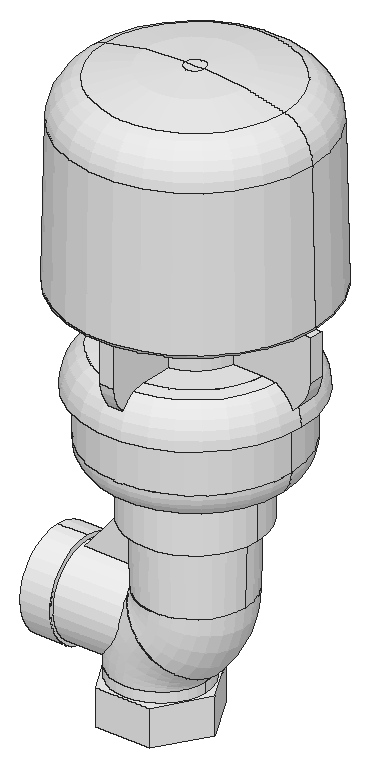
Revit family "RA-DV PURE_Angle_DN10-20_S_Aero_RFA_1", category Pipe Accessories, Revit 2019 (continued)
Definition of nested family "Aero Sensors_RA_RFA"
  Definition of nested family "Aero_RFA"
    Automatic sketch dimensions
      Revolve 12 sketch curve to plane 4 = 12.892 mm
      Revolve 12 sketch curve to plane 4 = 0.34 mm
      Revolve 12 sketch curve to Revolve 12 sketch curve = 0.00 mm
      Revolve 12 sketch curve to plane 4 = 0.25 mm
      Revolve 12 sketch curve to Revolve 12 sketch curve = 201.697 mm
      plane 4 to Revolve 12 sketch curve = 2130.315 mm
      level to Revolve 15 sketch curve = 1.11 mm
      Revolve 15 sketch curve to Revolve 15 sketch curve = 3.797 mm
      Revolve 15 sketch curve to level = 0.00 mm
      Revolve 15 sketch curve to level = 366.045 mm
      plane 4 to Revolve 15 sketch curve = 2130.315 mm
      plane 3 "Center (Left/Right)" to curve 1 = 25.939 mm
      curve 1 to curve 1 = 1.216 mm
      Extrusion 5 sketch curve to plane 3 "Center (Left/Right)" = 28.00 mm
      Revolve 1 sketch curve to plane 3 "Center (Left/Right)" = 17.085 mm
      Revolve 1 sketch curve to Revolve 1 sketch curve = 7.174 mm
      Revolve 2 sketch curve to Revolve 2 sketch curve = 11.036 mm
      Revolve 2 sketch curve to Revolve 2 sketch curve = 10.851 mm
      Extrusion 3 sketch curve to plane 3 "Center (Left/Right)" = 28.00 mm
      Extrusion 3 sketch curve to Extrusion 3 sketch curve = 5.882 mm
      Revolve 6 sketch curve to plane 3 "Center (Left/Right)" = 22.577 mm
      Revolve 7 sketch curve to Revolve 7 sketch curve = 17.049 mm
      Revolve 11 sketch curve to Revolve 11 sketch curve = 2.223 mm
      Revolve 11 sketch curve to Revolve 11 sketch curve = 17.836 mm
      Revolve 12 sketch curve to plane 3 "Center (Left/Right)" = 16.518 mm
      Revolve 12 sketch curve to plane 3 "Center (Left/Right)" = 18.736 mm
      Revolve 12 sketch curve to Revolve 12 sketch curve = 11.121 mm
      Revolve 12 sketch curve to Revolve 12 sketch curve = 1.556 mm
      Revolve 13 sketch curve to plane 3 "Center (Left/Right)" = 21.201 mm
      Revolve 13 sketch curve to Revolve 13 sketch curve = 24.056 mm
      Revolve 14 sketch curve to plane 3 "Center (Left/Right)" = 17.049 mm
      Extrusion 4 sketch curve to Extrusion 4 sketch curve = 8.021 mm
      Extrusion 8 sketch curve to Extrusion 8 sketch curve = 9.655 mm
      Extrusion 8 sketch curve to plane 1 "Center (Front/Back)" = 7.612 mm
Definition of nested family "Schematic_Pressure Independent TRV_Sensor_Angle"
  Parameters (values of type "Schematic_Pressure Independent TRV_Sensor_Angle")
    LA_1 = 1 / 9 * HA  # 1.956 mm
    L2 = L * 2  # 41.20 mm
    L1 = 4 / 5 * L  # 16.48 mm
    L = 20.60 mm
    HT = 30.00 mm
    LA = 3 / 5 * HA  # 10.56 mm
    L1/9 = L1 / 3  # 5.493 mm
    HA_2 = 4 / 5 * HA  # 14.08 mm
    HA_1 = 1 / 5 * HA  # 3.52 mm
    HA = 4 / 5 * D2  # 17.60 mm
    D2 = 22.00 mm
    D1 = 17.00 mm
    D = 20.20 mm
  Reference planes
    plane 1 "Center (Front/Back)": y = 0
    plane 2: z = 0
    plane 3 "Center (Left/Right)": x = 0
    plane 4: z = 11
    plane 5: z = -11
    plane 6: x = 17
    plane 7: x = -20.6
    plane 8: y = 11
    plane 9: y = -11
    plane 10: z = -17
    plane 11 "centerline": z = 0
    plane 12: x = -15.107
    plane 13: z = -7.5
    plane 14 "LO": x = -9.613
    plane 15: z = 8.24
    plane 16: z = -8.24
    plane 17: x = 11
    plane 18: x = -11
    plane 19: x = 20.6
    plane 20: z = 30
    plane 21: y = 8.24
    plane 22: y = -8.24
    plane 23: x = 5.28
    plane 24: x = -5.28
    plane 25: z = -20.2
    plane 26: y = 20.6
    plane 27: y = 15.107
    plane 28: y = 9.613
    plane 29: z = 47.6
    plane 30: x = -3.324
    plane 31: x = 3.324
    plane 32: z = 44.08
    plane 33: z = 33.52
  Lines and regions (mm)
    model lines
      curve 1: line (0, 0, 30) -> (0, 0, 0)
      curve 2: line (0, 0, 0) -> (17, 0, 11)
      curve 3: line (17, 0, 11) -> (17, 0, -11)
      curve 4: line (17, 0, -11) -> (0, 0, 0)
      curve 8: spline (-15.107, 0, -8.24) -> (-13.685, 0, -7.959) -> (-12.36, 0, -7.136) -> (-11.222, 0, -5.827) -> (-10.349, 0, -4.12) -> (-9.801, 0, -2.133) -> (-9.613, 0, 0) -> (-9.801, 0, 2.133) -> (-10.349, 0, 4.12) -> (-11.222, 0, 5.827) -> (-12.36, 0, 7.136) -> (-13.685, 0, 7.959) -> (-15.107, 0, 8.24) -> (-16.528, 0, 7.959) -> (-17.853, 0, 7.136) -> (-18.991, 0, 5.827) -> (-19.864, 0, 4.12) -> (-20.413, 0, 2.133) -> (-20.6, 0, 0) -> (-20.413, 0, -2.133) -> (-19.864, 0, -4.12) -> (-18.991, 0, -5.827) -> (-17.853, 0, -7.136) -> (-16.528, 0, -7.959) -> (-15.107, 0, -8.24)
      curve 9: line (-15.107, 0, -8.24) -> (-15.107, 0, 8.24)
      curve 10: line (-9.613, 0, 0) -> (0, 0, 0)
      curve 11: line (0, 0, 0) -> (11, 0, -17)
      curve 12: line (11, 0, -17) -> (-11, 0, -17)
      curve 13: line (-11, 0, -17) -> (0, 0, 0)
      curve 14: line (17, 0, 0) -> (20.6, 0, 0)
      curve 16: line (0, 0, -20.2) -> (0, 0, -17)
      curve 24: line (-5.28, 0, 47.6) -> (5.28, 0, 47.6)
      curve 25: line (-5.28, 0, 30) -> (-5.28, 0, 47.6)
      curve 26: line (5.28, 0, 30) -> (-5.28, 0, 30)
      curve 27: line (5.28, 0, 47.6) -> (5.28, 0, 30)
      curve 28: line (-3.324, 0, 44.08) -> (3.324, 0, 44.08)
      curve 29: line (0, 0, 33.52) -> (0, 0, 44.08)
    symbolic lines
      curve 5: line (17, 11, 0) -> (17, -11, 0)
      curve 6: line (0, 0, 0) -> (17, -11, 0)
      curve 7: line (0, 0, 0) -> (17, 11, 0)
      curve 15: line (17, 0, 0) -> (20.6, 0, 0)
      curve 17: line (0, 0, 0) -> (0, 11, -17)
      curve 18: line (0, 11, -17) -> (0, -11, -17)
      curve 19: line (0, -11, -17) -> (0, 0, 0)
      curve 20: line (0, 0, -20.2) -> (0, 0, -17)
      curve 21: line (0, 0, 0) -> (0, 9.613, 0)
      curve 22: spline (0, 9.613, 0) -> (2.133, 9.801, 0) -> (4.12, 10.349, 0) -> (5.827, 11.222, 0) -> (7.136, 12.36, 0) -> (7.959, 13.685, 0) -> (8.24, 15.107, 0) -> (7.959, 16.528, 0) -> (7.136, 17.853, 0) -> (5.827, 18.991, 0) -> (4.12, 19.864, 0) -> (2.133, 20.413, 0) -> (0, 20.6, 0) -> (-2.133, 20.413, 0) -> (-4.12, 19.864, 0) -> (-5.827, 18.991, 0) -> (-7.136, 17.853, 0) -> (-7.959, 16.528, 0) -> (-8.24, 15.107, 0) -> (-7.959, 13.685, 0) -> (-7.136, 12.36, 0) -> (-5.827, 11.222, 0) -> (-4.12, 10.349, 0) -> (-2.133, 9.801, 0) -> (0, 9.613, 0)
      curve 23: line (-8.24, 15.107, 0) -> (8.24, 15.107, 0)
  Dimensions and locks
    "D2": plane 4 to plane 5
    equal spacing: plane 4, level, plane 5
    "D2": plane 9 to plane 8
    equal spacing: plane 9, plane 1 "Center (Front/Back)", plane 8
    "D1": plane 2 to plane 10
    "L1/9": plane 12 to plane 7
    equal spacing: plane 14 "LO", plane 12, plane 7
    equal spacing: plane 15, level, plane 16
    equal spacing: plane 17, plane 3 "Center (Left/Right)", plane 18
    "D2": plane 17 to plane 18
    "L": plane 19 to plane 3 "Center (Left/Right)"
    "L": plane 3 "Center (Left/Right)" to plane 7
    equal spacing: plane 21, plane 1 "Center (Front/Back)", plane 22
    "HT": plane 20 to level
    "LA": plane 24 to plane 23
    equal spacing: plane 24, plane 3 "Center (Left/Right)", plane 23
    "D1": plane 6 to plane 3 "Center (Left/Right)"
    "D": level to plane 25
    "L1": plane 21 to plane 22
    "L1": plane 15 to plane 16
    plane 21 to plane 22 = 16.48 mm
    plane 8 to plane 9 = 22.00 mm
    "L": plane 1 "Center (Front/Back)" to plane 26
    equal spacing: plane 26, plane 27, plane 28
    "L1/9": plane 26 to plane 27
    "HA": plane 29 to plane 20
    "LA_1": plane 24 to plane 30
    "LA_1": plane 31 to plane 23
    "HA_1": plane 29 to plane 32
    "HA_2": plane 29 to plane 33
    aligned and locked: level to plane 2
    aligned and locked: curve 5 to plane 6
    aligned and locked: level to curve 8
    aligned and locked: plane 15 to curve 9
    aligned and locked: plane 14 "LO" to curve 8
    aligned and locked: curve 10 to level
    aligned and locked: plane 3 "Center (Left/Right)" to curve 10
    aligned and locked: plane 10 to curve 12
    aligned and locked: plane 18 to curve 12
    aligned and locked: curve 14 to level
    aligned and locked: plane 6 to curve 14
    aligned and locked: plane 19 to curve 14
    aligned and locked: curve 1 to plane 3 "Center (Left/Right)"
    aligned and locked: plane 1 "Center (Front/Back)" to curve 15
    aligned and locked: plane 19 to curve 15
    aligned and locked: plane 6 to curve 15
    aligned and locked: plane 10 to curve 16
    aligned and locked: plane 25 to curve 16
    aligned and locked: plane 3 "Center (Left/Right)" to curve 16
    aligned and locked: plane 25 to curve 20
    aligned and locked: curve 23 to plane 27
    aligned and locked: plane 20 to curve 26
    aligned and locked: curve 25 to plane 24
    aligned and locked: plane 23 to curve 27
    aligned and locked: curve 28 to plane 32
    aligned and locked: plane 31 to curve 28
    aligned and locked: plane 30 to curve 28
    aligned and locked: plane 3 "Center (Left/Right)" to curve 29
    aligned and locked: plane 33 to curve 29
    aligned and locked: plane 32 to curve 29
  Automatic sketch dimensions
    curve 17 to level = 0.00 mm
    curve 18 to plane 9 = 0.00 mm
    curve 19 to plane 1 "Center (Front/Back)" = 0.00 mm
    curve 20 to plane 1 "Center (Front/Back)" = 0.00 mm
    curve 18 to plane 8 = 0.00 mm
    curve 18 to plane 10 = 0.00 mm
    plane 1 "Center (Front/Back)" to curve 6 = 0.00 mm
    curve 6 to plane 3 "Center (Left/Right)" = 0.00 mm
    plane 9 to curve 5 = 0.00 mm
    plane 8 to curve 5 = 0.00 mm
    curve 22 to plane 28 = 0.00 mm
    curve 21 to plane 28 = 0.00 mm
    curve 22 to plane 27 = 0.00 mm
    curve 22 to plane 3 "Center (Left/Right)" = 0.00 mm
    plane 14 "LO" to curve 23 = 1.373 mm
    curve 9 to plane 12 = 0.00 mm
    curve 8 to plane 12 = 0.00 mm
    curve 11 to plane 17 = 0.00 mm
    curve 3 to plane 5 = 0.00 mm
    curve 2 to plane 4 = 0.00 mm
    curve 24 to plane 29 = 0.00 mm
Types (7, lengths in mm): name | Weight | V1 | URL | tailpiece | RV2_2 | Hex2_200 | Hex2 | T5 | T4 | T3 | RT1 | Hex1_200 | Hex1 | RV2 | T1_2 | T7 | T6 | RV1_1 | RV1 | Sensor Type | SL1 | SL2 | Model Type | Model | La | LM | LL4 | tailpiece nut depth | LL2 | LL1 | LL | L | Ha | HT5 | HT3 | HT2 | HT | HB5 | HB4 | HB3 | H | D
  (no name) | 0.20 kg | 0.00 | "https://store.danfoss.com/se/en/Climate-Solutions-for-heating/Radiator-Thermostats/Radiator-Valves/Build-on-valves/Dynamic-Valves/c/13865?q=%3Arelevance%3Adanfoss_producttypehierarchydesc%3ARA-DV+PURE%3Adanfoss_a223339155%3AA223_339155c03211b47bf5b5f35eba61e0fcb5e7bf&text=" | no | 11.00 | 25.10 | 21.70 | 10.423 | 12.236 | 11.75 | 8.30 | 29.70 | 25.70 | 11.00 | 20.50 | 10.40 | 11.20 | 10.00 | 10.25 | Aero Sensors_RA_RFA : Aero Sensors_Built-in_7-21 °C | 23.60 | 20.20 | "RA-DV PURE_Angle_DN10_S" | "015G0271" | 58.60 | 16.80 | 18.50 | 8.50 | 6.80 | 16.80 | 23.60 | 59.60 | 116.964 | 1.826 | 9.40 | 14.686 | 32.964 | 2.34 | 8.20 | 12.00 | 137.164 | 10.00
  RA-DV PURE_Angle_DN15_S_Tailpiece_015G0253 | 0.30 kg | 1.00 | "https://store.danfoss.com/fi/en/Climate-Solutions-for-heating/Radiator-Thermostats/Radiator-Valves/Build-on-valves/Dynamic-Valves/c/13865?q=%3Arelevance%3Adanfoss_producttypehierarchydesc%3ARA-DV+PURE%3Adanfoss_a223339155%3AA223_339155c03211b47bf5b5f35eba61e0fcb5e7bf&text=" | yes | 12.00 | 30.80 | 26.70 | 12.00 | 12.236 | 11.75 | 10.50 | 34.30 | 29.70 | 12.50 | 24.00 | 12.00 | 6.80 | 11.60 | 12.00 | Aero Sensors_RA_RFA : Aero Sensors_Built-in_7-28 °C | 18.60 | 24.00 | "RA-DV PURE_Angle_DN15_S_Tailpiece" | "015G0253" | 63.60 | 16.90 | 22.00 | 15.00 | 1.70 | 16.90 | 55.60 | 91.60 | 118.978 | 1.80 | 7.70 | 18.40 | 34.978 | 4.64 | 9.70 | 14.30 | 142.978 | 15.00
  RA-DV PURE_Angle_DN10_S_Tailpiece_015G0251 | 0.24 kg | 1.00 | "https://store.danfoss.com/fi/en/Climate-Solutions-for-heating/Radiator-Thermostats/Radiator-Valves/Build-on-valves/Dynamic-Valves/c/13865?q=%3Arelevance%3Adanfoss_producttypehierarchydesc%3ARA-DV+PURE%3Adanfoss_a223339155%3AA223_339155c03211b47bf5b5f35eba61e0fcb5e7bf&text=" | yes | 10.25 | 25.10 | 21.70 | 10.423 | 12.236 | 11.75 | 8.30 | 29.70 | 25.70 | 11.00 | 20.50 | 10.40 | 11.20 | 10.00 | 10.25 | Aero Sensors_RA_RFA : Aero Sensors_Built-in_7-28 °C | 17.10 | 20.20 | "RA-DV PURE_Angle_DN10_S_Tailpiece" | "015G0251" | 56.60 | 15.00 | 18.00 | 13.50 | 2.10 | 15.00 | 48.60 | 84.60 | 116.964 | 1.826 | 9.40 | 14.686 | 32.964 | 2.34 | 8.20 | 12.00 | 137.164 | 10.00
  RA-DV PURE_Angle_DN20_S_Tailpiece_015G0255 | 0.41 kg | 1.00 | "https://store.danfoss.com/fi/en/Climate-Solutions-for-heating/Radiator-Thermostats/Radiator-Valves/Build-on-valves/Dynamic-Valves/c/13865?q=%3Arelevance%3Adanfoss_producttypehierarchydesc%3ARA-DV+PURE%3Adanfoss_a223339155%3AA223_339155c03211b47bf5b5f35eba61e0fcb5e7bf&text=" | yes | 13.50 | 36.60 | 31.70 | 13.80 | 12.50 | 12.50 | 13.30 | 43.90 | 38.00 | 16.50 | 27.00 | 14.60 | 8.00 | 12.50 | 13.50 | Aero Sensors_RA_RFA : Aero Sensors_Built-in_7-28 °C | 22.40 | 28.00 | "RA-DV PURE_Angle_DN20_S_Tailpiece" | "015G0255" | 72.90 | 19.60 | 25.50 | 17.00 | 2.80 | 19.60 | 64.90 | 100.90 | 118.978 | 1.80 | 7.70 | 18.40 | 34.978 | 7.50 | 13.40 | 14.60 | 146.978 | 20.00
  RA-DV PURE_Angle_DN10_S_015G0271 | 0.20 kg | 0.00 | "https://store.danfoss.com/se/en/Climate-Solutions-for-heating/Radiator-Thermostats/Radiator-Valves/Build-on-valves/Dynamic-Valves/c/13865?q=%3Arelevance%3Adanfoss_producttypehierarchydesc%3ARA-DV+PURE%3Adanfoss_a223339155%3AA223_339155c03211b47bf5b5f35eba61e0fcb5e7bf&text=" | no | 11.00 | 25.10 | 21.70 | 10.423 | 12.236 | 11.75 | 8.30 | 29.70 | 25.70 | 11.00 | 20.50 | 10.40 | 11.20 | 10.00 | 10.25 | Aero Sensors_RA_RFA : Aero Sensors_Built-in_7-21 °C | 23.60 | 20.20 | "RA-DV PURE_Angle_DN10_S" | "015G0271" | 58.60 | 16.80 | 18.50 | 8.50 | 6.80 | 16.80 | 23.60 | 59.60 | 116.964 | 1.826 | 9.40 | 14.686 | 32.964 | 2.34 | 8.20 | 12.00 | 137.164 | 10.00
  RA-DV PURE_Angle_DN15_S_015G0273 | 0.23 kg | 0.00 | "https://store.danfoss.com/se/en/Climate-Solutions-for-heating/Radiator-Thermostats/Radiator-Valves/Build-on-valves/Dynamic-Valves/c/13865?q=%3Arelevance%3Adanfoss_producttypehierarchydesc%3ARA-DV+PURE%3Adanfoss_a223339155%3AA223_339155c03211b47bf5b5f35eba61e0fcb5e7bf&text=" | no | 13.00 | 30.80 | 26.70 | 12.00 | 12.236 | 11.75 | 10.50 | 34.30 | 29.70 | 13.00 | 24.00 | 12.00 | 6.80 | 11.60 | 12.00 | Aero Sensors_RA_RFA : Aero Sensors_Built-in_7-28 °C | 26.20 | 24.00 | "RA-DV PURE_Angle_DN15_S" | "015G0273" | 63.90 | 18.20 | 19.70 | 10.00 | 8.00 | 18.20 | 26.20 | 62.20 | 118.978 | 1.80 | 7.70 | 18.40 | 34.978 | 4.64 | 9.70 | 14.30 | 142.978 | 15.00
  RA-DV PURE_Angle_DN20_S_015G0275 | 0.28 kg | 0.00 | "https://store.danfoss.com/se/en/Climate-Solutions-for-heating/Radiator-Thermostats/Radiator-Valves/Build-on-valves/Dynamic-Valves/c/13865?q=%3Arelevance%3Adanfoss_producttypehierarchydesc%3ARA-DV+PURE%3Adanfoss_a223339155%3AA223_339155c03211b47bf5b5f35eba61e0fcb5e7bf&text=" | no | 17.00 | 36.60 | 31.70 | 13.80 | 12.50 | 12.50 | 13.30 | 43.90 | 38.00 | 17.00 | 27.00 | 14.60 | 8.00 | 12.50 | 13.50 | Aero Sensors_RA_RFA : Aero Sensors_Built-in_7-28 °C | 31.00 | 28.00 | "RA-DV PURE_Angle_DN20_S" | "015G0275" | 75.50 | 19.60 | 22.50 | 14.00 | 11.40 | 19.60 | 31.00 | 67.00 | 118.978 | 1.80 | 7.70 | 18.40 | 34.978 | 7.50 | 13.40 | 14.60 | 146.978 | 20.00
